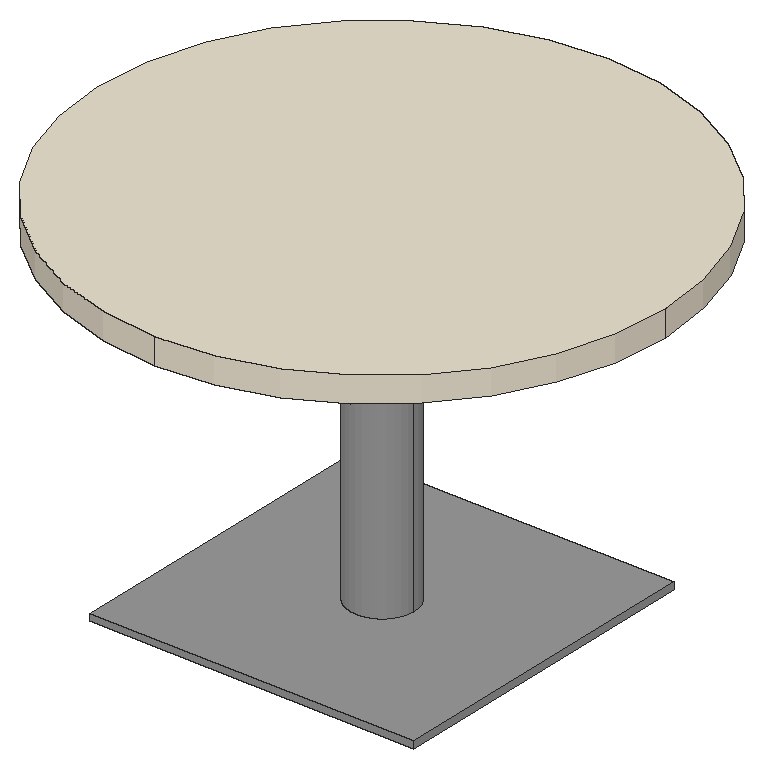
Revit family "FU_Table_Sandler_579BT-XT", category Furniture, Revit 2020
Family settings
  OmniClass Number = 23.40.20.00
  OmniClass Title = General Furniture and Specialties
  Work Plane-Based = No
  Always vertical = Yes
  Cut with Voids When Loaded = No
  Shared = No
  Room Calculation Point = No
Parameters (values of type "579BT XT 28" Round (70cm)")
  Width = 400 mm
  URL = "https://www.sandlerseating.com/product/art-579bt-xt/"
  Top Size = FU_TableTops_MT Rnd : 28" Round (70cm)
  Top Elevation = Height  # 425 mm
  Top Finish [instance] = Wood - Beech - Grey Stained
  Model = "579BT XT"
  Manufacturer = "Sandler"
  Height = 425 mm
  Frame Finish [instance] = Metal - Steel - Matt-Satin
  Description = "Table base in stainless steel."
  Depth = Width  # 400 mm
  Default Elevation = 0 mm
Types (5, lengths in mm): name | Top Size
  (no name) | FU_TableTops_MT Rnd : 28" Round (70cm)
  579BT XT 24" Square (60cm) | FU_TableTops_MT Sqr : 24" Square (60cm)
  579BT XT 28" Square (70cm) | FU_TableTops_MT Sqr : 28" Square (70cm)
  579BT XT 24" Round (60cm) | FU_TableTops_MT Rnd : 24" Round (60cm)
  579BT XT 28" Round (70cm) | FU_TableTops_MT Rnd : 28" Round (70cm)
Reference planes
  plane 1 "Center (Front/Back)": y = 0
  plane 2: z = 0
  plane 3 "Center (Left/Right)": x = 0
  plane 4 "Right": x = -200
  plane 5 "Left": x = 200
  plane 6 "Back": y = 200
  plane 7 "Front": y = -200
  plane 8 "Height": z = 425
  plane 9 "Top Support": z = 405
  plane 10 "Glide Height": z = 6
  plane 11 "Base height": z = 14
  plane 12 "R Pad C": x = -184
  plane 13 "B Pad C": y = 184
  plane 14 "L Pad C": x = 184
  plane 15 "F Pad C": y = -184
Forms (mm)
  Extrusion 1, solid, material "Metal - Steel - Matt-Satin" <- "Frame Finish"
    sketch origin (0, 0, 6) x (-1, 0, 0) y (0, -1, 0)
      loop
        line (200, -200) -> (200, 200) -> (-200, 200) -> (-200, -200) -> (200, -200)
    from 0 to 8
  Revolve 2, solid, material "Rubber, Black"
    sketch origin (0, 0, 0) x (1, 0, 0) y (0, 0, 1)
      loop
        line (-184, 0) -> (-184, 6) -> (-192, 6) -> (-192, 2)
        arc (-192, 2) -> (-191.414, 0.586) -> (-190, 0) r 2
        line (-190, 0) -> (-184, 0)
      axis (-184, 6) -> (-184, 0)
    angle from 0 to 360
  Revolve 3, solid, material "Rubber, Black"
    sketch origin (0, 0, 0) x (-1, 0, 0) y (0, 0, 1)
      loop
        line (-184, 0) -> (-184, 6) -> (-192, 6) -> (-192, 2)
        arc (-192, 2) -> (-191.414, 0.586) -> (-190, 0) r 2
        line (-190, 0) -> (-184, 0)
      axis (-184, 6) -> (-184, 0)
    angle from 0 to 360
  Revolve 4, solid, material "Rubber, Black"
    sketch origin (0, 0, 0) x (0, 1, 0) y (0, 0, 1)
      loop
        line (-184, 6) -> (-192, 6) -> (-192, 2)
        arc (-192, 2) -> (-191.414, 0.586) -> (-190, 0) r 2
        line (-190, 0) -> (-184, 0) -> (-184, 6)
      axis (-184, 6) -> (-184, 0)
    angle from 0 to 360
  Revolve 5, solid, material "Rubber, Black"
    sketch origin (0, 0, 0) x (0, -1, 0) y (0, 0, 1)
      loop
        line (-184, 6) -> (-192, 6) -> (-192, 2)
        arc (-192, 2) -> (-191.414, 0.586) -> (-190, 0) r 2
        line (-190, 0) -> (-184, 0) -> (-184, 6)
      axis (-184, 6) -> (-184, 0)
    angle from 0 to 360
  Extrusion 6, solid, material "Metal - Steel - Matt-Satin" <- "Frame Finish"
    sketch origin (0, 0, 6) x (-1, 0, 0) y (0, -1, 0)
      loop
        circle (0, 0) r 40
    from 0 to 399
Dimensions and locks
  equal spacing: plane 4 "Right", plane 3 "Center (Left/Right)", plane 5 "Left"
  "Width": plane 4 "Right" to plane 5 "Left"
  equal spacing: plane 6 "Back", plane 1 "Center (Front/Back)", plane 7 "Front"
  "Depth": plane 6 "Back" to plane 7 "Front"
  "Height": plane 8 "Height" to level
  locked: plane 8 "Height" to plane 9 "Top Support" at 20
  locked: plane 4 "Right" to plane 12 "R Pad C" at 16
  plane 14 "L Pad C" to plane 5 "Left" = 16 mm
  locked: plane 6 "Back" to plane 13 "B Pad C" at 16
  locked: plane 15 "F Pad C" to plane 7 "Front" at 16
  aligned and locked: level to plane 2
  aligned and locked: plane 11 "Base height" to Extrusion 1
  aligned and locked: Extrusion 1 to plane 11 "Base height"  (x3)
  aligned and locked: plane 8 "Height" to nested 1
  aligned and locked: Extrusion 6 to plane 10 "Glide Height"
  aligned and locked: plane 9 "Top Support" to Extrusion 6
  aligned and locked: Extrusion 1 sketch curve to plane 6 "Back"
  aligned and locked: Extrusion 1 sketch curve to plane 4 "Right"
  aligned and locked: plane 7 "Front" to Extrusion 1 sketch curve
  aligned and locked: plane 5 "Left" to Extrusion 1 sketch curve
Automatic sketch dimensions
  Revolve 2 sketch curve to plane 10 "Glide Height" = 0 mm
  Revolve 2 sketch curve to level = 0 mm
  plane 12 "R Pad C" to Revolve 2 sketch curve = 0 mm  (x2)
  Revolve 2 sketch curve to Revolve 2 sketch curve = 6 mm
  Revolve 2 sketch curve to Revolve 2 sketch curve = 2 mm
  Revolve 2 sketch curve to level = 10.049 mm
  Revolve 2 sketch curve to plane 11 "Base height" = 2.095 mm
  Revolve 3 sketch curve to plane 10 "Glide Height" = 0 mm
  Revolve 3 sketch curve to level = 0 mm
  Revolve 3 sketch curve to plane 14 "L Pad C" = 0 mm  (x2)
  Revolve 3 sketch curve to Revolve 3 sketch curve = 6 mm
  Revolve 3 sketch curve to Revolve 3 sketch curve = 2 mm
  level to Revolve 3 sketch curve = 10.049 mm
  plane 11 "Base height" to Revolve 3 sketch curve = 2.095 mm
  Revolve 4 sketch curve to plane 10 "Glide Height" = 0 mm
  Revolve 4 sketch curve to level = 0 mm
  Revolve 4 sketch curve to plane 15 "F Pad C" = 0 mm  (x2)
  level to Revolve 4 sketch curve = 2 mm
  plane 15 "F Pad C" to Revolve 4 sketch curve = 6 mm
  Revolve 4 sketch curve to level = 5.787 mm
  Revolve 4 sketch curve to plane 11 "Base height" = 1.201 mm
  Revolve 5 sketch curve to plane 10 "Glide Height" = 0 mm
  Revolve 5 sketch curve to level = 0 mm
  Revolve 5 sketch curve to plane 13 "B Pad C" = 0 mm  (x2)
  Revolve 5 sketch curve to level = 2 mm
  Revolve 5 sketch curve to plane 13 "B Pad C" = 6 mm
  Revolve 5 sketch curve to Revolve 5 sketch curve = 5.787 mm
  plane 11 "Base height" to Revolve 5 sketch curve = 1.201 mm
  plane 1 "Center (Front/Back)" to Extrusion 6 sketch curve = 0 mm
  Extrusion 6 sketch curve to plane 3 "Center (Left/Right)" = 0 mm
  radius of Extrusion 6 sketch curve = 40 mm
Nested families
  nested 1: "MT Top Support" at (0, 0, -295), Frame Finish <- "Frame Finish", type "MT Top Support"
    with Frame Finish Metal - Steel - Matt-Satin
  nested 2: "FU_TableTops_MT Rnd" at (0, 0, 0), type <- "Top Size", Top Elevation <- "Top Elevation", Top Finish <- "Top Finish", type "28" Round (70cm)"
    with Top Finish Wood - Beech - Grey Stained, Top Elevation 425 mm
Definition of nested family "MT Top Support"
  Parameters (values of type "MT Top Support")
    Frame Finish [instance] = none
    Default Elevation = 0 mm
  Reference planes
    plane 1 "Center (Front/Back)": y = 0
    plane 2: z = 0
    plane 3 "Center (Left/Right)": x = 0
    plane 4 "Right": x = -210
    plane 5 "Left": x = 210
    plane 6 "Back": y = 210
    plane 7 "Front": y = -210
    plane 8 "Height": z = 720
    plane 9: z = 700
  Forms (mm)
    Extrusion 1, solid, material <- "Frame Finish"
      sketch origin (0, 0, 700) x (-1, 0, 0) y (0, -1, 0)
        loop
          line (48, 44.024) -> (119.736, 115.76)
          arc (119.736, 115.76) -> (116.918, 118.6) -> (114.032, 121.37) r 166.741
          line (114.032, 121.37) -> (40.38, 47.718) -> (-40.38, 47.718) -> (-114.032, 121.37)
          arc (-114.032, 121.37) -> (-116.918, 118.6) -> (-119.736, 115.76) r 166.741
          line (-119.736, 115.76) -> (-48, 44.024) -> (-48, -44.024) -> (-120.014, -116.038)
          arc (-120.014, -116.038) -> (-117.202, -118.884) -> (-114.323, -121.661) r 166.741
          line (-114.323, -121.661) -> (-40.944, -48.282) -> (40.944, -48.282) -> (114.323, -121.661)
          arc (114.323, -121.661) -> (117.202, -118.884) -> (120.014, -116.038) r 166.741
          line (120.014, -116.038) -> (48, -44.024) -> (48, 44.024)
      from 0 to 15
    Extrusion 2, solid, material <- "Frame Finish"
      sketch origin (0, 0, 720) x (-1, 0, 0) y (0, -1, 0)
        loop
          arc (48, 9.198) -> (50.194, 20.46) -> (56.455, 30.074) r 30
          line (56.455, 30.074) -> (155.027, 131.809)
          arc (155.027, 131.809) -> (157.282, 137.439) -> (154.939, 143.033) r 8
          line (154.939, 143.033) -> (142.122, 155.85)
          arc (142.122, 155.85) -> (136.465, 158.193) -> (130.808, 155.85) r 8
          line (130.808, 155.85) -> (32.027, 57.069)
          arc (32.027, 57.069) -> (22.294, 50.566) -> (10.814, 48.282) r 30
          line (10.814, 48.282) -> (-10.814, 48.282)
          arc (-10.814, 48.282) -> (-22.294, 50.566) -> (-32.027, 57.069) r 30
          line (-32.027, 57.069) -> (-130.808, 155.85)
          arc (-130.808, 155.85) -> (-136.465, 158.193) -> (-142.122, 155.85) r 8
          line (-142.122, 155.85) -> (-154.939, 143.033)
          arc (-154.939, 143.033) -> (-157.282, 137.439) -> (-155.027, 131.809) r 8
          line (-155.027, 131.809) -> (-56.455, 30.074)
          arc (-56.455, 30.074) -> (-50.194, 20.46) -> (-48, 9.198) r 30
          line (-48, 9.198) -> (-48, -9.198)
          arc (-48, -9.198) -> (-50.194, -20.46) -> (-56.455, -30.074) r 30
          line (-56.455, -30.074) -> (-155.027, -131.809)
          arc (-155.027, -131.809) -> (-157.282, -137.439) -> (-154.939, -143.033) r 8
          line (-154.939, -143.033) -> (-142.122, -155.85)
          arc (-142.122, -155.85) -> (-136.465, -158.193) -> (-130.808, -155.85) r 8
          line (-130.808, -155.85) -> (-32.027, -57.069)
          arc (-32.027, -57.069) -> (-22.294, -50.566) -> (-10.814, -48.282) r 30
          line (-10.814, -48.282) -> (10.814, -48.282)
          arc (10.814, -48.282) -> (22.294, -50.566) -> (32.027, -57.069) r 30
          line (32.027, -57.069) -> (130.808, -155.85)
          arc (130.808, -155.85) -> (136.465, -158.193) -> (142.122, -155.85) r 8
          line (142.122, -155.85) -> (154.939, -143.033)
          arc (154.939, -143.033) -> (157.282, -137.439) -> (155.027, -131.809) r 8
          line (155.027, -131.809) -> (56.455, -30.074)
          arc (56.455, -30.074) -> (50.194, -20.46) -> (48, -9.198) r 30
          line (48, -9.198) -> (48, 9.198)
        loop
          line (-134.399, -141.055) -> (-124.502, -131.158)
          arc (-124.502, -131.158) -> (-124.502, -125.502) -> (-130.158, -125.502) r 3.999
          line (-130.158, -125.502) -> (-140.055, -135.399)
          arc (-140.055, -135.399) -> (-140, -141.001) -> (-134.399, -141.055) r 4
        loop
          arc (134.399, -141.055) -> (140, -141.001) -> (140.055, -135.399) r 4
          line (140.055, -135.399) -> (130.158, -125.502)
          arc (130.158, -125.502) -> (124.502, -125.502) -> (124.502, -131.158) r 3.999
          line (124.502, -131.158) -> (134.399, -141.055)
        loop
          arc (-134.399, 141.055) -> (-140, 141.001) -> (-140.055, 135.399) r 4
          line (-140.055, 135.399) -> (-130.158, 125.502)
          arc (-130.158, 125.502) -> (-124.502, 125.502) -> (-124.502, 131.158) r 3.999
          line (-124.502, 131.158) -> (-134.399, 141.055)
        loop
          line (134.399, 141.055) -> (124.502, 131.158)
          arc (124.502, 131.158) -> (124.502, 125.502) -> (130.158, 125.502) r 3.999
          line (130.158, 125.502) -> (140.055, 135.399)
          arc (140.055, 135.399) -> (140, 141.001) -> (134.399, 141.055) r 4
        loop
          circle (0, 0) r 7.5
      from -10 to 0
  Dimensions and locks
    equal spacing: plane 4 "Right", plane 3 "Center (Left/Right)", plane 5 "Left"
    plane 4 "Right" to plane 5 "Left" = 420 mm
    equal spacing: plane 6 "Back", plane 1 "Center (Front/Back)", plane 7 "Front"
    plane 6 "Back" to plane 7 "Front" = 420 mm
    plane 8 "Height" to level = 720 mm
    locked: plane 8 "Height" to plane 9 at 20
    aligned and locked: level to plane 2
  Automatic sketch dimensions
    plane 1 "Center (Front/Back)" to Extrusion 2 sketch curve = 0 mm
    Extrusion 2 sketch curve to plane 3 "Center (Left/Right)" = 0 mm
    plane 3 "Center (Left/Right)" to Extrusion 2 sketch curve = 10.814 mm  (x2)
    Extrusion 2 sketch curve to Extrusion 2 sketch curve = 21.213 mm  (x4)
    plane 1 "Center (Front/Back)" to Extrusion 2 sketch curve = 9.198 mm  (x2)
    plane 3 "Center (Left/Right)" to Extrusion 2 sketch curve = 48 mm
    Extrusion 2 sketch curve to plane 1 "Center (Front/Back)" = 30.074 mm  (x2)
    Extrusion 2 sketch curve to Extrusion 2 sketch curve = 8.455 mm  (x4)
    plane 1 "Center (Front/Back)" to Extrusion 2 sketch curve = 30.074 mm  (x2)
    Extrusion 2 sketch curve to plane 1 "Center (Front/Back)" = 9.198 mm  (x2)
    plane 5 "Left" to Extrusion 2 sketch curve = 85.498 mm  (x2)
    Extrusion 2 sketch curve to Extrusion 2 sketch curve = 2.828 mm  (x12)
    Extrusion 2 sketch curve to Extrusion 2 sketch curve = 6.306 mm  (x4)
    Extrusion 2 sketch curve to Extrusion 2 sketch curve = 9.897 mm  (x8)
    Extrusion 2 sketch curve to Extrusion 2 sketch curve = 5.657 mm  (x16)
    Extrusion 2 sketch curve to Extrusion 2 sketch curve = 2.773 mm  (x8)
    Extrusion 2 sketch curve to Extrusion 2 sketch curve = 2.883 mm  (x4)
    Extrusion 2 sketch curve to Extrusion 2 sketch curve = 9.227 mm  (x4)
    Extrusion 2 sketch curve to Extrusion 2 sketch curve = 5.745 mm  (x4)
    Extrusion 2 sketch curve to plane 3 "Center (Left/Right)" = 10.814 mm  (x2)
    Extrusion 2 sketch curve to plane 3 "Center (Left/Right)" = 48 mm
    Extrusion 2 sketch curve to plane 1 "Center (Front/Back)" = 48.282 mm
    Extrusion 2 sketch curve to Extrusion 2 sketch curve = 8.787 mm  (x4)
    Extrusion 2 sketch curve to plane 6 "Back" = 84.498 mm  (x2)
    Extrusion 2 sketch curve to Extrusion 2 sketch curve = 6.307 mm  (x4)
    Extrusion 2 sketch curve to Extrusion 2 sketch curve = 5.567 mm  (x4)
    Extrusion 2 sketch curve to Extrusion 2 sketch curve = 9.138 mm  (x4)
    plane 1 "Center (Front/Back)" to Extrusion 2 sketch curve = 48.282 mm
    plane 7 "Front" to Extrusion 2 sketch curve = 84.498 mm  (x2)
    Extrusion 1 sketch curve to Extrusion 1 sketch curve = 0 mm  (x12)
    Extrusion 1 sketch curve to plane 3 "Center (Left/Right)" = 0 mm
    plane 3 "Center (Left/Right)" to Extrusion 1 sketch curve = 40.38 mm
    plane 3 "Center (Left/Right)" to Extrusion 1 sketch curve = 40.944 mm
    Extrusion 1 sketch curve to Extrusion 1 sketch curve = 7.056 mm  (x2)
    plane 5 "Left" to Extrusion 1 sketch curve = 95.968 mm
    plane 5 "Left" to Extrusion 1 sketch curve = 95.677 mm
    Extrusion 1 sketch curve to Extrusion 1 sketch curve = 5.704 mm  (x2)
    Extrusion 1 sketch curve to Extrusion 1 sketch curve = 5.691 mm  (x2)
    Extrusion 1 sketch curve to plane 3 "Center (Left/Right)" = 40.38 mm
    Extrusion 1 sketch curve to plane 3 "Center (Left/Right)" = 40.944 mm
    Extrusion 1 sketch curve to plane 6 "Back" = 88.339 mm  (x2)
    Extrusion 1 sketch curve to Extrusion 1 sketch curve = 5.623 mm
    Extrusion 1 sketch curve to plane 1 "Center (Front/Back)" = 48.282 mm
    Extrusion 1 sketch curve to Extrusion 1 sketch curve = 4.258 mm  (x2)
    plane 1 "Center (Front/Back)" to Extrusion 1 sketch curve = 44.024 mm  (x2)
    Extrusion 1 sketch curve to Extrusion 1 sketch curve = 3.693 mm
    plane 7 "Front" to Extrusion 1 sketch curve = 94.24 mm  (x2)
    Extrusion 1 sketch curve to plane 4 "Right" = 95.968 mm
    Extrusion 1 sketch curve to plane 4 "Right" = 95.677 mm
    Extrusion 2 sketch curve to plane 4 "Right" = 85.498 mm  (x2)
    radius of Extrusion 2 sketch curve = 7.5 mm
Definition of nested family "FU_TableTops_MT Rnd"
  Parameters (values of type "59" Round (150cm)")
    Width = 1500 mm
    Top Finish [instance] = none
    Top Elevation [instance] = 1100 mm
    Depth = Width  # 1500 mm
    Default Elevation = 0 mm
  Types (10, lengths in mm): name | Width | Depth
    24" Round (60cm) | 600 | 600
    28" Round (70cm) | 700 | 700
    32" Round (80cm) | 800 | 800
    36" Round (90cm) | 900 | 900
    40" Round (100cm) | 1000 | 1000
    44" Round (110cm) | 1100 | 1100
    47" Round (120cm) | 1200 | 1200
    51" Round (130cm) | 1300 | 1300
    55" Round (140cm) | 1400 | 1400
    59" Round (150cm) | 1500 | 1500
  Reference planes
    plane 1 "Center (Front/Back)": y = 0
    plane 2: z = 0
    plane 3 "Center (Left/Right)": x = 0
    plane 4 "Right": x = -750
    plane 5 "Left": x = 750
    plane 6 "Back": y = 750
    plane 7 "Front": y = -750
    plane 8 "Elevation": z = 1100
    plane 9 "Top Height": z = 1131.75
  Forms (mm)
    Extrusion 1, solid, material <- "Top Finish"
      sketch origin (0, 0, 1100) x (-1, 0, 0) y (0, -1, 0)
        loop
          arc (0, -750) -> (530.33, -530.33) -> (750, 0) r 750
          arc (750, 0) -> (530.33, 530.33) -> (0, 750) r 750
          arc (0, 750) -> (-530.33, 530.33) -> (-750, 0) r 750
          arc (-750, 0) -> (-530.33, -530.33) -> (0, -750) r 750
      from 0 to 31.75
  Dimensions and locks
    equal spacing: plane 4 "Right", plane 3 "Center (Left/Right)", plane 5 "Left"
    "Width": plane 4 "Right" to plane 5 "Left"
    equal spacing: plane 6 "Back", plane 1 "Center (Front/Back)", plane 7 "Front"
    "Depth": plane 6 "Back" to plane 7 "Front"
    "Top Elevation": plane 8 "Elevation" to level
    locked: plane 9 "Top Height" to plane 8 "Elevation" at 31.75
    aligned and locked: level to plane 2
    aligned and locked: plane 9 "Top Height" to Extrusion 1
  Automatic sketch dimensions
    Extrusion 1 sketch curve to Extrusion 1 sketch curve = 0 mm  (x7)
    plane 1 "Center (Front/Back)" to Extrusion 1 sketch curve = 0 mm  (x2)
    Extrusion 1 sketch curve to plane 5 "Left" = 0 mm
    Extrusion 1 sketch curve to plane 3 "Center (Left/Right)" = 0 mm  (x3)
    Extrusion 1 sketch curve to plane 6 "Back" = 0 mm
